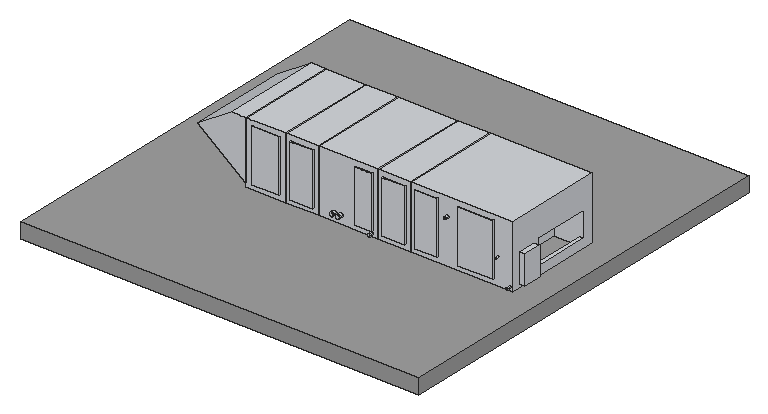
Revit family
Parameters (values of type "6 Row DX-R410")
  Wheel Size [instance] = ""
  Voltage = 480 V
  Unit Weight (lbs) = 4667  # constant formula
  URL = "http://www.appliedair.com"
  Total Static Pressure [instance] = 0.00 in-wg
  Total Heating Capacity [instance] = 0.0 Btu/h
  Total Cooling Capacity [instance] = 0.0 Btu/h
  Temperature Rise [instance] = 0 °F
  Supply Air Pressure Drop [instance] = 0.00 in-wg
  Supply Air Outlet Flow [instance] = 0 CFM
  Supply Air Inlet Flow [instance] = 0 CFM
  Series = "IFL"
  Return Coil Horizontal Offset = 1' - 1"  # constant formula
  Return Air Inlet Flow [instance] = 0 CFM
  Return Air Flow Height = 1' - 8"
  Refrigerant Type = "R410"
  Refrigerant Supply Pressure [instance] = 0.00 psi
  Refrigerant Supply Flow [instance] = 0 GPM
  Refrigerant Return Pressure [instance] = 0.00 psi
  Refrigerant Return Flow [instance] = 0 GPM
  Product URL = "http://www.appliedair.com/ifl.asp"
  Power Vertical Offset = 1' - 2 1/4"
  Power Horizontal Offset = 2' - 6"
  Power Connection Radius = 0' - 0 3/4"
  Phase = 3
  Output Heat [instance] = 0.0 Btu/h
  OmniClass = "23-75 10 24 21 27 17"
  Number of Rows = 6
  Number of Poles = 3
  Nominal Width = 6' - 8"  # constant formula
  Nominal Length = 21' - 0 5/8"  # constant formula
  Nominal Height = 4' - 2"  # constant formula
  Motor Horsepower (HP) [instance] = 0
  Motor Brake Horsepower (BHP) [instance] = 0
  Motor Amps [instance] = 0 A
  Model = "40"
  Minimum Input [instance] = 0.0 Btu/h
  Minimum Air Flow = 3000 CFM
  Maximum Input [instance] = 0.0 Btu/h
  Maximum Air Flow = 9500 CFM
  Manufacturer = "Applied Air"
  M = 3' - 10"  # constant formula
  L = 1' - 8 3/4"  # constant formula
  K = 2' - 1 11/16"  # constant formula
  J = 0' - 6 3/4"  # constant formula
  Heating Leaving Water Temperature [instance] = 0 °F
  Heating Leaving Air Temperature Wet Bulb [instance] = 0 °F
  Heating Leaving Air Temperature Dry Bulb [instance] = 0 °F
  Heating Entering Water Temperature [instance] = 0 °F
  Heating Entering Air Temperature Wet Bulb [instance] = 0 °F
  Heating Entering Air Temperature Dry Bulb [instance] = 0 °F
  Gas Vertical Offset = 1' - 9"  # constant formula
  Gas Horizontal Offset = 0' - 11 1/2"
  Gas Connection Radius = 0' - 0 3/8"  # constant formula
  Condensate Drain Vertical Offset = 0' - 2 3/4"
  Condensate Drain Radius = 0' - 0 3/4"  # constant formula
  Gas Pressure Drop [instance] = 0.00 psi
  Gas Input [instance] = 0.0 Btu/h
  Condensate Drain  Horizontal Offset = 0' - 1 27/32"
  Gas Flow [instance] = 0 GPM
  Condensate Drain Connection Radius = Condensate Drain Radius  # 0' - 0 3/4"
  Furnace Size [instance] = ""
  Frequency = 60 Hz
  Fan Speed (RPM) [instance] = 0
  Face Velocity (FPM) [instance] = 0
  Face Pressure Drop [instance] = 0' - 0"
  Drain Pressure Drop [instance] = 0.00 psi
  Drain Flow [instance] = 0 GPM
  Description = "Dedicated Outside Air Split System"
  Cooling Sensible Capacity [instance] = 0 Btu/h
  Cooling Leaving Air Temperature Wet Bulb [instance] = 0 °F
  Cooling Leaving Air Temperature Dry Bulb [instance] = 0 °F
  Cooling Entering Air Temperature Wet Bulb [instance] = 0 °F
  Cooling Entering Air Temperature Dry Bulb [instance] = 0 °F
  Cooling Coil Radius = 0' 3" / 2  # 0' - 1 1/2"
  H = 0' - 3 1/16"  # constant formula
  G = 3' - 2 5/8"  # constant formula
  Drain Vertical Offset = 0' - 2"
  Drain Radius = 0' - 1"
  Drain Horizontal Offset = 0' - 5"
  Default Elevation = 4' - 0"
  F = 2' - 2"  # constant formula
  E = 4' - 0"  # constant formula
  D = 5' - 8"  # constant formula
  Combustion Air Flow [instance] = 0 CFM
  Coils Depth = 0' - 3"
  Coil Outlet Vertical Offset = 3' - 7 113/256"  # constant formula
  Coil Face Area = if(Choose Coil Option = 1, 9.17 SF, if(Choose Coil Option = 2, 14.00 SF, if(Choose Coil Option = 3, 17.72 SF, 0.00 SF)))  # 14.00 SF
  Choose Coil Option = 2
  Coils Vertical Offsets = 0' - 6 143/256"
  Supply Coil Horizontal Offset = 1' - 6"  # constant formula
  Burner Amps [instance] = 0 A
  B = 6' - 10"  # constant formula
  Assembly Code = "D3030200"
  Apparent Power [instance] = (Motor Amps + Burner Amps) * Voltage * sqrt(3)  # 0 VA
  AHU Material = Galvanized Steel
  40.5x63 DX Coils = Choose Coil Option = 3  # no
  30x44 DX Coils = Choose Coil Option = 1  # no
  36x56 DX Coils = Choose Coil Option = 2  # yes
Reference planes (in)
  plane 1 "Center (Front/Back)": y = 0
  plane 2: z = -0.00391
  plane 3 "Center (Left/Right)": x = 0
  plane 4: y = 38
  plane 5: y = -42
  plane 6: x = -24
  plane 7: x = 24
  plane 8: x = 50
  plane 9: z = 49.99609
  plane 10: x = 132
  plane 11: x = -50
  plane 12: x = -82
  plane 13: x = -120.625
  plane 14: x = -11
  plane 15: x = -6
  plane 16: z = 6.55469
  plane 17: z = 6.55469
  plane 18: y = -45
  plane 19: x = 19
  plane 20: z = 1.99609
  plane 21: x = 80
  plane 22: z = 35.74609
  plane 23: z = 2.74609
  plane 24: x = 130.15625
  plane 25: z = 20.99609
  plane 26: x = 120.5
Forms (in)
  Extrusion 1, solid, material "Default"
    sketch origin (0, 0, 0) x (1, 0, 0) y (0, 1, 0)
      loop
        line (-164.84185, 166) -> (-164.84185, -165.6411) -> (155.35983, -165.6411) -> (155.35983, 166) -> (-164.84185, 166)
    from -0.00391 to -12
  Extrusion 2, solid
    sketch origin (0.62705, 0, 0) x (1, 0, 0) y (0, 0, 1)
      loop
        line (-24.62705, 0) -> (23.37295, 0) -> (23.37295, 49.99609) -> (-24.62705, 49.99609) -> (-24.62705, 0)
    from -38 to 42
  Extrusion 3, solid
    sketch origin (66.62705, 0, 0) x (1, 0, 0) y (0, 0, 1)
      loop
        line (-42.62705, 0) -> (-16.62705, 0) -> (-16.62705, 49.99609) -> (-42.62705, 49.99609) -> (-42.62705, 0)
    from -38 to 42
  Extrusion 4, solid
    sketch origin (120.62705, 0, 0) x (1, 0, 0) y (0, 0, 1)
      loop
        line (-70.62705, 0) -> (11.37295, 0) -> (11.37295, 49.99609) -> (-70.62705, 49.99609) -> (-70.62705, 0)
    from -38 to 42
  Extrusion 5, solid
    sketch origin (-17.37295, 0, 0) x (1, 0, 0) y (0, 0, 1)
      loop
        line (-32.62705, -0.00391) -> (-6.62705, -0.00391) -> (-6.62705, 49.99609) -> (-32.62705, 49.99609) -> (-32.62705, -0.00391)
    from -38 to 42
  Extrusion 6, solid
    sketch origin (-41.37295, 0, 0) x (1, 0, 0) y (0, 0, 1)
      loop
        line (-40.62705, -0.00391) -> (-8.62705, -0.00391) -> (-8.62705, 49.99609) -> (-40.62705, 49.99609) -> (-40.62705, -0.00391)
    from -38 to 42
  Extrusion 7, solid
    sketch origin (-15.3125, 0, 0) x (1, 0, 0) y (0, 0, 1)
      loop
        line (-105.3125, 32.99609) -> (-66.6875, 2.74609) -> (-66.6875, 49.99609) -> (-78.33244, 49.99609) -> (-105.3125, 32.99609)
    from -38 to 42
  Extrusion 8, void
    sketch origin (0, 0, 0) x (1, 0, 0) y (0, 1, 0)
      loop
        line (-75, 32) -> (-75, -36) -> (-55, -36) -> (-55, 32) -> (-75, 32)
    from 0 to 31.59567
  Extrusion 9, void
    sketch origin (0, 0, 0) x (0, 1, 0) y (0, 0, 1)
      loop
        line (-36, 9) -> (32, 9) -> (32, 29) -> (-36, 29) -> (-36, 9)
    from -55 to -85.321
  Extrusion 10, void
    sketch origin (0, 0, 0) x (1, 0, 0) y (0, 1, 0)
      loop
        line (128.9375, -16.3125) -> (128.9375, 29.6875) -> (108.1875, 29.6875) -> (108.1875, -16.3125) -> (128.9375, -16.3125)
    from 0 to 21.23232
  Extrusion 11, void
    sketch origin (0, 0, 0) x (1, 0, 0) y (0, 0, 1)
      loop
        line (132, 6.74609) -> (132, 27.49609) -> (108.1875, 27.49609) -> (108.1875, 6.74609) -> (132, 6.74609)
    from -29.6875 to 16.3125
  Extrusion 12, solid
    sketch origin (0, 0, 0) x (1, 0, 0) y (0, 1, 0)
      loop
        line (132, -21) -> (132, -36) -> (137, -36) -> (137, -21) -> (132, -21)
    from 3.06225 to 25.87762
  Extrusion 13, solid
    sketch origin (0, 0, 0) x (1, 0, 0) y (0, 0, 1)
      loop
        circle (-6, 6.55469) r 1.5
      loop
        circle (-11, 6.55469) r 1.5
      loop
        circle (19, 1.99609) r 1
      loop
        circle (80, 35.74609) r 0.75
      loop
        circle (130.15625, 2.74609) r 0.75
      loop
        circle (120.5, 20.99609) r 0.375
    from 42 to 45
  Extrusion 14, solid
    sketch origin (0, -38, 0) x (1, 0, 0) y (0, 0, 1)
      loop
        line (-55, 45.99609) -> (-77, 45.99609) -> (-77, 3.99609) -> (-55, 3.99609) -> (-55, 45.99609)
      loop
        line (-28, 45.99609) -> (-46, 45.99609) -> (-46, 3.99609) -> (-28, 3.99609) -> (-28, 45.99609)
      loop
        line (20, 45.99609) -> (6, 45.99609) -> (6, 3.99609) -> (20, 3.99609) -> (20, 45.99609)
      loop
        line (46, 45.99609) -> (28, 45.99609) -> (28, 3.99609) -> (46, 3.99609) -> (46, 45.99609)
      loop
        line (72, 45.99609) -> (54, 45.99609) -> (54, 3.99609) -> (72, 3.99609) -> (72, 45.99609)
      loop
        line (117, 45.99609) -> (89, 45.99609) -> (89, 3.99609) -> (117, 3.99609) -> (117, 45.99609)
    from 4 to 5
  Extrusion 15, void
    sketch origin (-0.04982, 0, -2.04982) x (1, 0, 0) y (0, 0, 1)
      loop
        line (124.55215, 46.70523) -> (124.55215, 46.20523) -> (126.80215, 46.20523) -> (126.80215, 46.70523) -> (124.55215, 46.70523)
      loop
        line (127.55215, 46.70523) -> (127.55215, 46.20523) -> (129.80215, 46.20523) -> (129.80215, 46.70523) -> (127.55215, 46.70523)
      loop
        line (124.55215, 47.45523) -> (124.55215, 46.95523) -> (126.80215, 46.95523) -> (126.80215, 47.45523) -> (124.55215, 47.45523)
      loop
        line (127.55215, 47.45523) -> (127.55215, 46.95523) -> (129.80215, 46.95523) -> (129.80215, 47.45523) -> (127.55215, 47.45523)
      loop
        line (124.55215, 45.95523) -> (124.55215, 45.45523) -> (126.80215, 45.45523) -> (126.80215, 45.95523) -> (124.55215, 45.95523)
      loop
        line (127.55215, 45.95523) -> (127.55215, 45.45523) -> (129.80215, 45.45523) -> (129.80215, 45.95523) -> (127.55215, 45.95523)
      loop
        line (124.55215, 45.20523) -> (124.55215, 44.70523) -> (126.80215, 44.70523) -> (126.80215, 45.20523) -> (124.55215, 45.20523)
      loop
        line (127.55215, 45.20523) -> (127.55215, 44.70523) -> (129.80215, 44.70523) -> (129.80215, 45.20523) -> (127.55215, 45.20523)
      loop
        line (124.55215, 44.45523) -> (124.55215, 43.95523) -> (126.80215, 43.95523) -> (126.80215, 44.45523) -> (124.55215, 44.45523)
      loop
        line (127.55215, 44.45523) -> (127.55215, 43.95523) -> (129.80215, 43.95523) -> (129.80215, 44.45523) -> (127.55215, 44.45523)
      loop
        line (124.55215, 43.70523) -> (124.55215, 43.20523) -> (126.80215, 43.20523) -> (126.80215, 43.70523) -> (124.55215, 43.70523)
      loop
        line (127.55215, 43.70523) -> (127.55215, 43.20523) -> (129.80215, 43.20523) -> (129.80215, 43.70523) -> (127.55215, 43.70523)
      loop
        line (124.55215, 15.78696) -> (126.80215, 15.78696) -> (126.80215, 16.28696) -> (124.55215, 16.28696) -> (124.55215, 15.78696)
      loop
        line (127.55215, 15.78696) -> (129.80215, 15.78696) -> (129.80215, 16.28696) -> (127.55215, 16.28696) -> (127.55215, 15.78696)
      loop
        line (124.55215, 15.03696) -> (126.80215, 15.03696) -> (126.80215, 15.53696) -> (124.55215, 15.53696) -> (124.55215, 15.03696)
      loop
        line (127.55215, 15.03696) -> (129.80215, 15.03696) -> (129.80215, 15.53696) -> (127.55215, 15.53696) -> (127.55215, 15.03696)
      loop
        line (124.55215, 16.53696) -> (126.80215, 16.53696) -> (126.80215, 17.03696) -> (124.55215, 17.03696) -> (124.55215, 16.53696)
      loop
        line (127.55215, 16.53696) -> (129.80215, 16.53696) -> (129.80215, 17.03696) -> (127.55215, 17.03696) -> (127.55215, 16.53696)
      loop
        line (124.55215, 17.28696) -> (126.80215, 17.28696) -> (126.80215, 17.78696) -> (124.55215, 17.78696) -> (124.55215, 17.28696)
      loop
        line (127.55215, 17.28696) -> (129.80215, 17.28696) -> (129.80215, 17.78696) -> (127.55215, 17.78696) -> (127.55215, 17.28696)
      loop
        line (124.55215, 18.03696) -> (126.80215, 18.03696) -> (126.80215, 18.53696) -> (124.55215, 18.53696) -> (124.55215, 18.03696)
      loop
        line (127.55215, 18.03696) -> (129.80215, 18.03696) -> (129.80215, 18.53696) -> (127.55215, 18.53696) -> (127.55215, 18.03696)
      loop
        line (124.55215, 18.78696) -> (126.80215, 18.78696) -> (126.80215, 19.28696) -> (124.55215, 19.28696) -> (124.55215, 18.78696)
      loop
        line (127.55215, 18.78696) -> (129.80215, 18.78696) -> (129.80215, 19.28696) -> (127.55215, 19.28696) -> (127.55215, 18.78696)
    from 32 to 38
  Extrusion 16, void
    sketch origin (0, 0, 0) x (1, 0, 0) y (0, 0, 1)
      loop
        line (-85.321, 29) -> (-100.57302, 29) -> (-109.17858, 24.03158) -> (-93.49174, 11.74609) -> (-85.321, 11.74609) -> (-85.321, 29)
    from -32 to 36
Cuts and joins
  Extrusion 8, Extrusion 9 cuts Extrusion 6
  Extrusion 9 cuts Extrusion 2
  Extrusion 9 cuts Extrusion 3
  Extrusion 9, Extrusion 16 cuts Extrusion 7
  Extrusion 10, Extrusion 11, Extrusion 15 cuts Extrusion 4
Dimensions and locks (in)
  "Nominal Width": plane 5 to plane 4
  "E": plane 6 to plane 7
  equal spacing: plane 6, plane 3 "Center (Left/Right)", plane 7
  "Nominal Height": plane 9 to plane 2
  "F": plane 7 to plane 8
  "F": plane 11 to plane 6
  locked: plane 12 to plane 11 at 32
  "B": plane 8 to plane 10
  "G": plane 13 to plane 12
  "D": Extrusion 8 sketch curve to Extrusion 8 sketch curve
  locked: Extrusion 8 sketch curve to Extrusion 8 sketch curve at 20
  locked: Extrusion 9 sketch curve to Extrusion 9 sketch curve at 20
  "D": Extrusion 9 sketch curve to Extrusion 9 sketch curve
  locked: level to Extrusion 9 sketch curve at 9
  "K": plane 5 to Extrusion 10 sketch curve
  "M": Extrusion 10 sketch curve to Extrusion 10 sketch curve
  "H": Extrusion 10 sketch curve to plane 10
  "L": Extrusion 10 sketch curve to Extrusion 10 sketch curve
  "J": Extrusion 11 sketch curve to plane 2
  "L": Extrusion 11 sketch curve to Extrusion 11 sketch curve
  "K": cut or joined group of Extrusion 4, Extrusion 10, Extrusion 11, Extrusion 15 to plane 5
  "M": cut or joined group of Extrusion 4, Extrusion 10, Extrusion 11, Extrusion 15 to cut or joined group of Extrusion 4, Extrusion 10, Extrusion 11, Extrusion 15
  plane 9 to Extrusion 12 = 2' - 0.11847"
  locked: Extrusion 12 to Extrusion 12 at 22.81538
  locked: Extrusion 12 to plane 2 at 3.06615
  locked: Extrusion 12 to Extrusion 12 at 5
  "Coils Depth": plane 18 to plane 5
  "Coils Vertical Offsets": plane 16 to plane 2
  "Coil Outlet Vertical Offset": plane 9 to plane 17
  "Return Coil Horizontal Offset": plane 6 to plane 14
  "Supply Coil Horizontal Offset": plane 6 to plane 15
  "Drain Vertical Offset": plane 20 to plane 2
  "Drain Horizontal Offset": plane 19 to plane 7
  locked: plane 12 to Extrusion 14 sketch curve at 5
  locked: Extrusion 14 sketch curve to plane 11 at 5
  locked: plane 9 to Extrusion 14 sketch curve at 4  (x6)
  locked: Extrusion 14 sketch curve to plane 2 at 4  (x6)
  locked: plane 11 to Extrusion 14 sketch curve at 4
  locked: Extrusion 14 sketch curve to plane 6 at 4
  locked: plane 6 to Extrusion 14 sketch curve at 30
  locked: Extrusion 14 sketch curve to plane 7 at 4
  locked: plane 7 to Extrusion 14 sketch curve at 4
  locked: Extrusion 14 sketch curve to plane 8 at 4
  locked: plane 8 to Extrusion 14 sketch curve at 4
  locked: Extrusion 14 sketch curve to Extrusion 14 sketch curve at 17
  locked: Extrusion 14 sketch curve to plane 10 at 15
  "Power Vertical Offset": plane 9 to plane 22
  "Power Horizontal Offset": plane 8 to plane 21
  locked: Extrusion 14 to plane 5 at 1
  "Condensate Drain Vertical Offset": plane 23 to plane 2
  plane 13 to plane 10 = 21' - 0 5/8"
  "Condensate Drain  Horizontal Offset": plane 24 to plane 10
  locked: Extrusion 7 sketch curve to plane 13 at 0
  locked: Extrusion 7 sketch curve to plane 9 at 0
  locked: Extrusion 7 sketch curve to plane 12 at 0
  locked: Extrusion 7 sketch curve to plane 23 at 0
  locked: plane 12 to Extrusion 7 sketch curve at 11.64494
  "Gas Vertical Offset": plane 25 to plane 2
  "Gas Horizontal Offset": plane 26 to plane 10
  locked: Extrusion 13 sketch curve to plane 14 at 0
  locked: Extrusion 13 sketch curve to plane 15 at 0
  locked: Extrusion 13 sketch curve to plane 19 at 0
  locked: Extrusion 13 sketch curve to plane 21 at 0
  locked: Extrusion 13 sketch curve to plane 25 at 0
  locked: Extrusion 13 sketch curve to plane 26 at 0
  locked: Extrusion 13 sketch curve to plane 23 at 0
  locked: Extrusion 13 sketch curve to plane 24 at 0
  locked: Extrusion 13 sketch curve to plane 20 at 0
  locked: Extrusion 13 sketch curve to plane 16 at 0
  locked: Extrusion 13 sketch curve to plane 22 at 0
  locked: Extrusion 13 sketch curve to plane 17 at 0
  "Cooling Coil Radius": radius of Extrusion 13 sketch curve  (x2)
  "Drain Radius": radius of Extrusion 13 sketch curve
  "Power Connection Radius": radius of Extrusion 13 sketch curve
  "Condensate Drain Connection Radius": radius of Extrusion 13 sketch curve
  "Gas Connection Radius": radius of Extrusion 13 sketch curve
  aligned and locked: plane 2 to Extrusion 1
  aligned and locked: Extrusion 2 to plane 4
  aligned and locked: plane 5 to Extrusion 2
  aligned and locked: plane 6 to Extrusion 2
  aligned and locked: plane 7 to Extrusion 2
  aligned and locked: plane 7 to Extrusion 3
  aligned and locked: Extrusion 3 to plane 8
  aligned and locked: plane 9 to Extrusion 2
  aligned and locked: Extrusion 3 to Extrusion 2
  aligned and locked: plane 5 to Extrusion 3
  aligned and locked: Extrusion 3 to plane 4
  aligned and locked: Extrusion 4 to plane 9
  aligned and locked: plane 8 to Extrusion 4
  aligned and locked: Extrusion 4 to plane 10
  aligned and locked: plane 5 to Extrusion 4
  aligned and locked: Extrusion 4 to plane 4
  aligned and locked: Extrusion 5 to plane 6
  aligned and locked: plane 11 to Extrusion 5
  aligned and locked: Extrusion 5 to plane 9
  aligned and locked: Extrusion 5 to plane 2
  aligned and locked: Extrusion 5 to plane 4
  aligned and locked: plane 5 to Extrusion 5
  aligned and locked: plane 5 to Extrusion 6
  aligned and locked: Extrusion 6 to plane 4
  aligned and locked: plane 12 to Extrusion 6
  aligned and locked: Extrusion 6 to plane 11
  aligned and locked: Extrusion 6 to plane 9
  aligned and locked: Extrusion 6 to plane 2
  aligned and locked: Extrusion 7 to plane 9
  aligned and locked: plane 13 to Extrusion 7
  aligned and locked: Extrusion 7 to plane 12
  aligned and locked: Extrusion 7 to plane 4
  aligned and locked: plane 5 to Extrusion 7
  aligned and locked: cut or joined group of Extrusion 6, Extrusion 8, Extrusion 9 to Extrusion 9 sketch curve
  aligned and locked: cut or joined group of Extrusion 6, Extrusion 8, Extrusion 9 to Extrusion 9
  aligned and locked: Extrusion 10 to level
  aligned and locked: cut or joined group of Extrusion 4, Extrusion 10, Extrusion 11, Extrusion 15 to Extrusion 11 sketch curve
  aligned and locked: plane 10 to Extrusion 11 sketch curve
  aligned and locked: plane 10 to Extrusion 12
  aligned and locked: plane 5 to Extrusion 13
  aligned and locked: plane 18 to Extrusion 13
  aligned and locked: Extrusion 14 to plane 5
  aligned and locked: cut or joined group of Extrusion 4, Extrusion 10, Extrusion 11, Extrusion 15 to plane 5
  aligned and locked: cut or joined group of Extrusion 6, Extrusion 8, Extrusion 9 to cut or joined group of Extrusion 7, Extrusion 9, Extrusion 16
  aligned and locked: cut or joined group of Extrusion 7, Extrusion 9, Extrusion 16 to cut or joined group of Extrusion 6, Extrusion 8, Extrusion 9
Automatic sketch dimensions
  Extrusion 1 sketch curve to Extrusion 1 sketch curve = 26' - 8.20168"
  Extrusion 1 sketch curve to Extrusion 1 sketch curve = 27' - 7.6411"
  Extrusion 2 sketch curve to level = 0' - 0"
  Extrusion 2 sketch curve to plane 6 = 0' - 0"
  Extrusion 2 sketch curve to plane 7 = 0' - 0"
  Extrusion 2 sketch curve to plane 9 = 0' - 0"
  Extrusion 3 sketch curve to level = 0' - 0"
  Extrusion 3 sketch curve to plane 7 = 0' - 0"
  Extrusion 3 sketch curve to plane 8 = 0' - 0"
  Extrusion 3 sketch curve to plane 9 = 0' - 0"
  Extrusion 4 sketch curve to level = 0' - 0"
  Extrusion 4 sketch curve to plane 8 = 0' - 0"
  Extrusion 4 sketch curve to plane 9 = 0' - 0"
  Extrusion 4 sketch curve to plane 10 = 0' - 0"
  Extrusion 5 sketch curve to plane 2 = 0' - 0"
  Extrusion 5 sketch curve to plane 11 = 0' - 0"
  Extrusion 5 sketch curve to plane 6 = 0' - 0"
  Extrusion 5 sketch curve to plane 9 = 0' - 0"
  Extrusion 6 sketch curve to plane 2 = 0' - 0"
  Extrusion 6 sketch curve to plane 12 = 0' - 0"
  Extrusion 6 sketch curve to plane 9 = 0' - 0"
  Extrusion 6 sketch curve to plane 11 = 0' - 0"
  Extrusion 12 sketch curve to plane 10 = 0' - 0"
  Extrusion 12 sketch curve to plane 10 = 0' - 5"
  Extrusion 12 sketch curve to plane 5 = 0' - 6"
  Extrusion 12 sketch curve to Extrusion 12 sketch curve = 1' - 3"
  Extrusion 14 sketch curve to Extrusion 14 sketch curve = 1' - 6"
  Extrusion 15 sketch curve to Extrusion 15 sketch curve = 0' - 0"  (x40)
  Extrusion 15 sketch curve to Extrusion 15 sketch curve = 0' - 0 3/4"  (x4)
  Extrusion 15 sketch curve to Extrusion 15 sketch curve = 0' - 0 1/2"  (x23)
  Extrusion 15 sketch curve to Extrusion 15 sketch curve = 0' - 0 1/4"  (x20)
  Extrusion 8 sketch curve to plane 12 = 0' - 7"
  Extrusion 8 sketch curve to plane 5 = 0' - 6"
  Extrusion 16 sketch curve to plane 13 = 0' - 11.44642"
  plane 22 to Extrusion 16 sketch curve = 0' - 6 191/256"
  Extrusion 16 sketch curve to Extrusion 16 sketch curve = 0' - 8.60555"
  Extrusion 16 sketch curve to plane 16 = 0' - 5 49/256"
  plane 12 to Extrusion 16 sketch curve = 0' - 11.49174"
  plane 12 to Extrusion 16 sketch curve = 0' - 3.321"
  Extrusion 16 sketch curve to Extrusion 16 sketch curve = 0' - 4.96842"
  plane 22 to Extrusion 7 sketch curve = 0' - 2 3/4"
  plane 10 to Extrusion 15 sketch curve = 0' - 7.49767"
  Extrusion 15 sketch curve to Extrusion 15 sketch curve = 0' - 2 1/4"  (x6)
  Extrusion 15 sketch curve to Extrusion 15 sketch curve = 1' - 11.91827"
  plane 9 to Extrusion 15 sketch curve = 3' - 1.00896"
Connectors (in)
  hvac at (-101.3125, -2, 17.87109), driven by "D", driven by "Return Air Flow Height", driven by "Supply Air Inlet Flow"
    settings: on cut or joined group of Extrusion 7, Extrusion 9, Extrusion 16, index 1
  hvac at (-65, -2, -0.00391), driven by "D", driven by "Return Air Flow Height", driven by "Return Air Inlet Flow"
    settings: on cut or joined group of Extrusion 6, Extrusion 8, Extrusion 9, index 2
  hvac at (118.5625, 6.6875, 0), driven by "M", driven by "L", driven by "Supply Air Outlet Flow"
    settings: on cut or joined group of Extrusion 4, Extrusion 10, Extrusion 11, Extrusion 15, index 3
  hvac at (132, 6.6875, 17.12109), driven by "M", driven by "L", driven by "Supply Air Outlet Flow"
    settings: on cut or joined group of Extrusion 4, Extrusion 10, Extrusion 11, Extrusion 15, index 4
  piping at (-11, -45, 6.55469), driven by "Cooling Coil Radius", driven by "Refrigerant Return Flow", driven by "Refrigerant Return Pressure"
    settings: on Extrusion 13, index 5
  piping at (-6, -45, 6.55469), driven by "Cooling Coil Radius", driven by "Refrigerant Supply Flow", driven by "Refrigerant Supply Pressure"
    settings: on Extrusion 13, index 6
  piping at (19, -45, 1.99609), driven by "Drain Radius", driven by "Drain Flow"
    settings: on Extrusion 13, index 7
  electrical at (80, -45, 35.74609), driven by "Number of Poles", driven by "Apparent Power", driven by "Voltage"
    settings: on Extrusion 13, index 8
  piping at (130.15625, -45, 2.74609), driven by "Condensate Drain Radius", driven by "Drain Flow", driven by "Gas Pressure Drop"
    settings: on Extrusion 13, index 9
  piping at (120.5, -45, 20.99609), driven by "Gas Connection Radius", driven by "Gas Flow", driven by "Gas Pressure Drop"
    settings: on Extrusion 13, index 10
